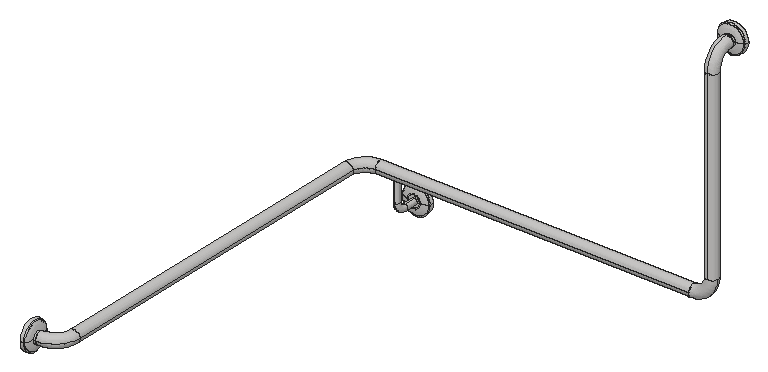
Revit family "Grab Rail_Metlam_90 Deg_Wrap Around_Left", category Specialty Equipment, Revit 2016
Family settings
  Part Type = Normal
  Round Connector Dimension = Use Diameter
  OmniClass Number = 23.40.20.21.47
  OmniClass Title = Bath Grab Bars
  Work Plane-Based = No
  Always vertical = Yes
  Cut with Voids When Loaded = No
  Shared = No
  Room Calculation Point = Yes
Parameters (values of type "983w x 1058d x 632h (MLR115MKII)")
  Width = 983 mm  # constant formula
  URL = "http://www.metlam.com.au/"
  Type Comments = "Grab Rails"  # constant formula
  Model = "MLR115MKII"
  Material_ANZRS = z_Metlam_Metal_Stainless Steel_Satin
  Manufacturer_Width = 1025 mm  # constant formula
  Manufacturer_URL__Product Specific = "https://metlam.com.au/product/content/grab-rails/MLR115MKII"
  Manufacturer_Spec Code = Model  # "MLR115MKII"
  Manufacturer_Height From FFL [instance] = 800 mm
  Manufacturer_Height = 600 mm  # constant formula
  Manufacturer_Depth = 1100 mm  # constant formula
  Manufacturer = "Metlam"  # constant formula
  Keynote = ""
  Height = 632 mm  # constant formula
  Description = "90° Flush Mount Wrap Around Grab Rail LH"  # constant formula
  Depth = 1058 mm  # constant formula
  CreatedBy_ANZRS = "IGS BIM Solutions"  # constant formula
  CreatedByURL_ANZRS = "http://www.igsgroup.com.au/"
  Assembly Code = ""
Reference planes
  plane 1 "Ref. Level": z = 0
  plane 2 "Left Wall Mount_Centre (Elevation)": z = 784
  plane 3 "Middle Wall Mount_Centre (Elevation)": z = 691
  plane 4 "Bottom": z = 653
  plane 5 "Back": y = 610
  plane 6 "Right Wall Mount_Centre (Left/Right)": x = 427
  plane 7 "Left": x = -598
  plane 8 "Left Wall Mount_Centre (Front/Back)": y = -490
  plane 9 "Middle Wall Mount_Centre (Left/Right)": x = -428
  plane 10 "Right Wall Mount_Centre (Elevation)": z = 1384
  plane 11 "Top": z = 1423
  plane 12 "Vertical Rail_Top": z = 1400
  plane 13 "Horizontal Rail_Bottom": z = 768
  plane 14 "Mounting Height": z = 800
  plane 15 "Vertical Rail_Left": x = 411
  plane 16 "Vertical Rail_Right": x = 443
  plane 17 "Right": x = 466
  plane 18 "Horizontal Rail_Front": y = 520
  plane 19 "Horizontal Rail_Back": y = 552
  plane 20 "Horizontal Rail_Right": x = -508
  plane 21 "Horizontal Rail_Left": x = -540
  plane 22 "Front": y = -529
  plane 23 "Horizontal Rail End_Front": y = -506
  plane 24 "Horizontal Rail End_Back": y = -474
Forms (mm)
  Sweep 1, solid, material "z_Metlam_Metal_Stainless Steel_Satin" <- "Material_ANZRS"
    path origin (-166.031, 0, 784) x (0, -1, 0) y (1, 0, 0)
      loop
        line (490, -408.969) -> (490, -407.969)
        arc (490, -407.969) -> (475.355, -372.614) -> (440, -357.969) r 50
        line (440, -357.969) -> (-486, -357.969)
        arc (-486, -357.969) -> (-521.355, -343.325) -> (-536, -307.969) r 50
        line (-536, -307.969) -> (-536, 543.031)
    profile origin (-574.5, -490, 784) x (0, 1, 0) y (0, 0, 1)
      loop
        circle (0, 0) r 16
  Revolve 2, solid, material "z_Metlam_Metal_Stainless Steel_Satin" <- "Material_ANZRS"
    sketch origin (0, 0, 1384) x (-1, 0, 0) y (0, -1, 0)
      loop
        line (-411, -593.938) -> (-411, -586.969) -> (-427, -586.969) -> (-427, -610) -> (-388, -610) -> (-389.401, -601.21)
        arc (-389.401, -601.21) -> (-389.851, -600.13) -> (-390.743, -599.373) r 2.5
        arc (-390.743, -599.373) -> (-400.591, -595.611) -> (-411, -593.938) r 51.397
      axis (-427, -586.969) -> (-427, -610)
    angle from 0 to 360
  Revolve 3, solid, material "z_Metlam_Metal_Stainless Steel_Satin" <- "Material_ANZRS"
    sketch origin (-34.405, -1648, 784) x (-1, 0, 0) y (0, -1, 0)
      loop
        arc (547.564, -1174) -> (549.238, -1184.409) -> (553, -1194.257) r 51.397
        arc (553, -1194.257) -> (553.757, -1195.149) -> (554.836, -1195.599) r 2.5
        line (554.836, -1195.599) -> (563.595, -1197) -> (563.595, -1158) -> (540.595, -1158) -> (540.595, -1174) -> (547.564, -1174)
      axis (540.595, -1158) -> (563.595, -1158)
    angle from 0 to 360
  Revolve 4, solid, material "z_Metlam_Metal_Stainless Steel_Satin" <- "Material_ANZRS"
    sketch origin (-428, 610, 691) x (-1, 0, 0) y (0, -1, 0)
      loop
        line (38, 0) -> (37.609, 8.494)
        arc (37.609, 8.494) -> (37.213, 9.734) -> (36.246, 10.607) r 2.5
        arc (36.246, 10.607) -> (27.366, 14.116) -> (17.983, 15.888) r 50.422
        arc (17.983, 15.888) -> (16.426, 15.995) -> (14.865, 16.031) r 34
        line (14.865, 16.031) -> (0, 16.031) -> (0, 0) -> (38, 0)
      axis (0, 0) -> (0, 16.031)
    angle from 0 to 360
  Sweep 5, solid, material "z_Metlam_Metal_Stainless Steel_Satin" <- "Material_ANZRS"
    path origin (-428, 0, 0) x (0, 1, 0) y (0, 0, 1)
      loop
        line (593.969, 691) -> (561, 691)
        arc (561, 691) -> (543.322, 698.322) -> (536, 716) r 25
        line (536, 716) -> (536, 784)
    profile origin (-428, 577.485, 691) x (0, 0, -1) y (1, 0, 0)
      loop
        circle (0, 0) r 7.5
  Sweep 6, solid, material "z_Metlam_Metal_Stainless Steel_Satin" <- "Material_ANZRS"
    path origin (427, 0, 0) x (0, 1, 0) y (0, 0, 1)
      loop
        line (536, 834) -> (536, 1334)
        arc (536, 1334) -> (550.645, 1369.355) -> (586, 1384) r 50
        line (586, 1384) -> (587, 1384)
    profile origin (427, 536, 1084) x (0, -1, 0) y (1, 0, 0)
      loop
        circle (0, 0) r 16
  Sweep 7, solid, material "z_Metlam_Metal_Stainless Steel_Satin" <- "Material_ANZRS"
    path origin (0, 552, 0) x (-1, 0, 0) y (0, 0, 1)
      loop
        line (-376, 784) -> (-377, 784)
        arc (-377, 784) -> (-412.355, 798.645) -> (-427, 834) r 50
        line (-427, 834) -> (-427, 835)
    profile origin (376.5, 552, 784) x (0, 0, -1) y (0, 1, 0)
      loop
        circle (0, -16) r 16
Cuts and joins
  joined: Sweep 1, Revolve 2, Revolve 3, Revolve 4, Sweep 5, Sweep 6, Sweep 7
Lines and regions (mm)
  Masking region 1
    outline origin (0, 0, 784) x (-1, 0, 0) y (0, -1, 0)
      loop
        line (-411, -593.969) -> (-411, -552) -> (420.497, -552) -> (420.497, -593.969) -> (411.997, -593.969)
        arc (411.997, -593.969) -> (401.567, -595.623) -> (391.711, -599.414) r 50.422
        arc (391.711, -599.414) -> (390.787, -600.234) -> (390.38, -601.4) r 2.455
        line (390.38, -601.4) -> (390, -610) -> (466, -610) -> (465.614, -601.404)
        arc (465.614, -601.404) -> (465.208, -600.236) -> (464.283, -599.414) r 2.455
        arc (464.283, -599.414) -> (454.427, -595.623) -> (443.997, -593.969) r 50.422
        line (443.997, -593.969) -> (435.497, -593.969) -> (435.497, -552) -> (473.969, -552)
        arc (473.969, -552) -> (520.66, -532.66) -> (540, -485.968) r 66.031
        line (540, -485.968) -> (540, 440)
        arc (540, 440) -> (549.958, 464.042) -> (574, 474) r 34
        line (574, 474) -> (581.969, 474)
        arc (581.969, 474) -> (583.622, 463.577) -> (587.407, 453.727) r 50.422
        arc (587.407, 453.727) -> (588.158, 452.847) -> (589.226, 452.404) r 2.482
        line (589.226, 452.404) -> (598, 451) -> (598, 529) -> (589.212, 527.594)
        arc (589.212, 527.594) -> (588.156, 527.155) -> (587.414, 526.286) r 2.455
        arc (587.414, 526.286) -> (583.623, 516.43) -> (581.969, 506) r 50.422
        line (581.969, 506) -> (574.047, 506)
        arc (574.047, 506) -> (527.345, 486.656) -> (508, 439.953) r 66.047
        line (508, 439.953) -> (508, -486)
        arc (508, -486) -> (498.042, -510.041) -> (474, -520) r 34
        line (474, -520) -> (-427, -520)
        arc (-427, -520) -> (-438.314, -524.686) -> (-443, -536) r 16
        line (-443, -536) -> (-443, -593.969)
        arc (-443, -593.969) -> (-453.423, -595.621) -> (-463.273, -599.407) r 50.422
        arc (-463.273, -599.407) -> (-464.153, -600.158) -> (-464.596, -601.225) r 2.482
        line (-464.596, -601.225) -> (-466, -610) -> (-388, -610) -> (-389.404, -601.225)
        arc (-389.404, -601.225) -> (-389.847, -600.158) -> (-390.727, -599.407) r 2.482
        arc (-390.727, -599.407) -> (-400.577, -595.621) -> (-411, -593.969) r 50.422
  symbolic lines, style "Grab Rails", detail levels medium+fine
    curve 1: line (-581.969, -506, 784) -> (-581.969, -474, 784)
    curve 2: line (443, 593.969, 784) -> (411, 593.969, 784)
    curve 3: line (-435.5, 593.969, 0) -> (-420.5, 593.969, 0)
    curve 4: line (-435.497, 552, 0) -> (-420.497, 552, 0)
  symbolic lines, style "Grab Rails"
    curve 5: arc (411, 536, 0) -> (415.686, 524.686, 0) -> (427, 520, 0) r 16
    curve 6: line (411, 552, 0) -> (411, 536, 0)
Text (mm)
  text "> Contact Manufacturer to confirm feasibility of design variations outside the scope of this Revit Family\n\n\n\nDisclaimer:\n\nDue to ongoing product development and manufacturing evolution, product details are subject to change without notice. Please refer to product technical data sheets on the manufacturer’s website for the most current product information. Please allow a +/- 5mm manufacturing tolerance for dimensions and set-outs shown in product literature." at (745.723, 262.844, 0), in view "Ref. Level_Instruction"
Dimensions and locks
  "Manufacturer_Height From FFL": plane 14 "Mounting Height" to plane 1 "Ref. Level"
  locked: plane 7 "Left" to plane 9 "Middle Wall Mount_Centre (Left/Right)" at 170
  "Depth": plane 19 "Horizontal Rail_Back" to plane 23 "Horizontal Rail End_Front"
  "Width": plane 21 "Horizontal Rail_Left" to plane 16 "Vertical Rail_Right"
  "Manufacturer_Width": plane 7 "Left" to plane 6 "Right Wall Mount_Centre (Left/Right)"
  "Manufacturer_Depth": plane 5 "Back" to plane 8 "Left Wall Mount_Centre (Front/Back)"
  locked: plane 16 "Vertical Rail_Right" to plane 17 "Right" at 23
  locked: plane 15 "Vertical Rail_Left" to plane 6 "Right Wall Mount_Centre (Left/Right)" at 16
  locked: plane 21 "Horizontal Rail_Left" to plane 20 "Horizontal Rail_Right" at 32
  locked: plane 19 "Horizontal Rail_Back" to plane 18 "Horizontal Rail_Front" at 32
  locked: plane 24 "Horizontal Rail End_Back" to plane 8 "Left Wall Mount_Centre (Front/Back)" at 16
  locked: plane 8 "Left Wall Mount_Centre (Front/Back)" to plane 23 "Horizontal Rail End_Front" at 16
  locked: plane 23 "Horizontal Rail End_Front" to plane 22 "Front" at 23
  plane 6 "Right Wall Mount_Centre (Left/Right)" to plane 16 "Vertical Rail_Right" = 16 mm
  "Height": plane 12 "Vertical Rail_Top" to plane 13 "Horizontal Rail_Bottom"
  "Manufacturer_Height": plane 10 "Right Wall Mount_Centre (Elevation)" to plane 2 "Left Wall Mount_Centre (Elevation)"
  locked: plane 3 "Middle Wall Mount_Centre (Elevation)" to plane 4 "Bottom" at 38
  locked: plane 14 "Mounting Height" to plane 2 "Left Wall Mount_Centre (Elevation)" at 16
  locked: plane 11 "Top" to plane 12 "Vertical Rail_Top" at 23
  locked: plane 13 "Horizontal Rail_Bottom" to plane 3 "Middle Wall Mount_Centre (Elevation)" at 77
  locked: plane 2 "Left Wall Mount_Centre (Elevation)" to plane 13 "Horizontal Rail_Bottom" at 16
  aligned and locked: level to plane 1 "Ref. Level"
  aligned and locked: plane 2 "Left Wall Mount_Centre (Elevation)" to Sweep 1 sketch curve
Automatic sketch dimensions
  Sweep 1 sketch curve to profile plane = 0 mm
  Sweep 5 sketch curve to profile plane = 0 mm
  Revolve 4 sketch curve to Revolve 4 sketch curve = 2.497 mm
  Revolve 4 sketch curve to Revolve 4 sketch curve = 0.391 mm
  Revolve 4 sketch curve to Revolve 4 sketch curve = 16.353 mm
  Revolve 4 sketch curve to Revolve 4 sketch curve = 3.117 mm
  Revolve 4 sketch curve to Revolve 4 sketch curve = 0 mm  (x2)
  Revolve 4 sketch curve to Revolve 4 sketch curve = 11.61 mm
  Revolve 4 sketch curve to Revolve 4 sketch curve = 1.506 mm
  profile plane to Sweep 5 sketch curve = 0 mm
  Revolve 3 sketch curve to Revolve 3 sketch curve = 6.969 mm
  Revolve 3 sketch curve to Revolve 3 sketch curve = 7.272 mm
  Revolve 3 sketch curve to Revolve 3 sketch curve = 0.395 mm
  Revolve 3 sketch curve to Revolve 3 sketch curve = 8.759 mm
  Revolve 3 sketch curve to Revolve 3 sketch curve = 19.13 mm
  Revolve 3 sketch curve to Revolve 3 sketch curve = 1.342 mm
  Revolve 3 sketch curve to Revolve 3 sketch curve = 1.401 mm
  Revolve 3 sketch curve to Revolve 3 sketch curve = 10 mm
  Masking region 1 sketch curve to plane 5 "Back" = 0 mm  (x2)
  plane 6 "Right Wall Mount_Centre (Left/Right)" to Masking region 1 sketch curve = 39 mm
  Masking region 1 sketch curve to plane 5 "Back" = 8.775 mm  (x2)
  Masking region 1 sketch curve to Masking region 1 sketch curve = 1.404 mm  (x3)
  Masking region 1 sketch curve to Masking region 1 sketch curve = 2.451 mm  (x3)
  plane 6 "Right Wall Mount_Centre (Left/Right)" to Masking region 1 sketch curve = 16 mm
  plane 6 "Right Wall Mount_Centre (Left/Right)" to Masking region 1 sketch curve = 13.36 mm
  Masking region 1 sketch curve to plane 6 "Right Wall Mount_Centre (Left/Right)" = 13.36 mm
  Masking region 1 sketch curve to plane 6 "Right Wall Mount_Centre (Left/Right)" = 16 mm
  Masking region 1 sketch curve to plane 5 "Back" = 8.382 mm
  Masking region 1 sketch curve to Masking region 1 sketch curve = 19.145 mm
  Masking region 1 sketch curve to plane 5 "Back" = 8.6 mm
  Masking region 1 sketch curve to Masking region 1 sketch curve = 0.38 mm
  Masking region 1 sketch curve to Masking region 1 sketch curve = 2.447 mm  (x2)
  Masking region 1 sketch curve to plane 5 "Back" = 8.4 mm
  Masking region 1 sketch curve to Masking region 1 sketch curve = 19.17 mm  (x2)
  Masking region 1 sketch curve to plane 5 "Back" = 8.596 mm
  Masking region 1 sketch curve to Masking region 1 sketch curve = 0.386 mm
  Masking region 1 sketch curve to Masking region 1 sketch curve = 8.355 mm
  Masking region 1 sketch curve to Masking region 1 sketch curve = 0.031 mm
  Masking region 1 sketch curve to Masking region 1 sketch curve = 34 mm  (x2)
  Masking region 1 sketch curve to Masking region 1 sketch curve = 32 mm
  Masking region 1 sketch curve to Masking region 1 sketch curve = 0.047 mm  (x2)
  Masking region 1 sketch curve to Masking region 1 sketch curve = 7.969 mm
  Masking region 1 sketch curve to Masking region 1 sketch curve = 7.922 mm
  Masking region 1 sketch curve to Masking region 1 sketch curve = 7.243 mm
  Masking region 1 sketch curve to Masking region 1 sketch curve = 15.178 mm
  Masking region 1 sketch curve to Masking region 1 sketch curve = 0.388 mm
  Masking region 1 sketch curve to Masking region 1 sketch curve = 0.392 mm  (x2)
  Masking region 1 sketch curve to Masking region 1 sketch curve = 8.788 mm
  Masking region 1 sketch curve to Masking region 1 sketch curve = 34.322 mm
  Masking region 1 sketch curve to Masking region 1 sketch curve = 0 mm  (x4)
  plane 5 "Back" to Masking region 1 sketch curve = 34.322 mm  (x2)
  Masking region 1 sketch curve to Masking region 1 sketch curve = 0.2 mm
  Masking region 1 sketch curve to plane 5 "Back" = 16.031 mm  (x4)
  Masking region 1 sketch curve to Masking region 1 sketch curve = 63.407 mm
  Masking region 1 sketch curve to Masking region 1 sketch curve = 2.424 mm
  Masking region 1 sketch curve to Masking region 1 sketch curve = 1.406 mm
  Revolve 3 sketch curve to Revolve 3 sketch curve = 4.717 mm
  Sweep 1 sketch curve to plane 5 "Back" = 124 mm
  Sweep 1 sketch curve to plane 5 "Back" = 74 mm
  Sweep 1 sketch curve to Sweep 1 sketch curve = 1 mm
  Revolve 3 sketch curve to Revolve 3 sketch curve = 16 mm
  Revolve 4 sketch curve to plane 5 "Back" = 0 mm  (x2)
  Revolve 4 sketch curve to plane 5 "Back" = 8.379 mm
  Revolve 4 sketch curve to Revolve 4 sketch curve = 17.129 mm
  plane 5 "Back" to Revolve 4 sketch curve = 17.969 mm
  Masking region 1 sketch curve to Masking region 1 sketch curve = 8.5 mm
  Masking region 1 sketch curve to Masking region 1 sketch curve = 11.047 mm
  Masking region 1 sketch curve to Masking region 1 sketch curve = 25.64 mm
  Masking region 1 sketch curve to Masking region 1 sketch curve = 26.719 mm
  Revolve 3 sketch curve to Revolve 3 sketch curve = 2.469 mm
  plane 6 "Right Wall Mount_Centre (Left/Right)" to curve 2 = 16 mm
  curve 2 to plane 6 "Right Wall Mount_Centre (Left/Right)" = 16 mm
  curve 1 to curve 1 = 32 mm
  curve 2 to plane 5 "Back" = 16.031 mm
  plane 7 "Left" to Sweep 1 sketch curve = 24 mm
  Revolve 3 sketch curve to plane 7 "Left" = 0 mm
  plane 7 "Left" to curve 1 = 16.031 mm
  Sweep 1 sketch curve to plane 8 "Left Wall Mount_Centre (Front/Back)" = 0 mm
  plane 8 "Left Wall Mount_Centre (Front/Back)" to Masking region 1 sketch curve = 50.047 mm
  Revolve 3 sketch curve to plane 8 "Left Wall Mount_Centre (Front/Back)" = 0 mm  (x2)
  plane 8 "Left Wall Mount_Centre (Front/Back)" to Revolve 3 sketch curve = 13.089 mm
  plane 8 "Left Wall Mount_Centre (Front/Back)" to curve 1 = 16 mm
  plane 8 "Left Wall Mount_Centre (Front/Back)" to Sweep 1 sketch curve = 50 mm
  Masking region 1 sketch curve to plane 7 "Left" = 0 mm
  plane 9 "Middle Wall Mount_Centre (Left/Right)" to Masking region 1 sketch curve = 38 mm
  plane 9 "Middle Wall Mount_Centre (Left/Right)" to Masking region 1 sketch curve = 16.003 mm
  plane 9 "Middle Wall Mount_Centre (Left/Right)" to Masking region 1 sketch curve = 13.363 mm
  plane 9 "Middle Wall Mount_Centre (Left/Right)" to Masking region 1 sketch curve = 7.503 mm
  Masking region 1 sketch curve to plane 9 "Middle Wall Mount_Centre (Left/Right)" = 13.356 mm
  Revolve 4 sketch curve to plane 9 "Middle Wall Mount_Centre (Left/Right)" = 0 mm  (x2)
  Revolve 4 sketch curve to plane 9 "Middle Wall Mount_Centre (Left/Right)" = 13.36 mm
  Sweep 6 sketch curve to profile plane = 0 mm
  profile plane to Sweep 6 sketch curve = 0 mm
  Revolve 2 sketch curve to plane 6 "Right Wall Mount_Centre (Left/Right)" = 0 mm  (x2)
  Revolve 2 sketch curve to plane 5 "Back" = 0 mm
  Revolve 2 sketch curve to plane 6 "Right Wall Mount_Centre (Left/Right)" = 13.089 mm
  Revolve 2 sketch curve to Revolve 2 sketch curve = 16 mm
  Revolve 2 sketch curve to plane 5 "Back" = 8.395 mm
  Revolve 2 sketch curve to Revolve 2 sketch curve = 19.13 mm
  Revolve 2 sketch curve to plane 5 "Back" = 8.79 mm
  Revolve 2 sketch curve to Revolve 2 sketch curve = 2.469 mm
  Revolve 2 sketch curve to Revolve 2 sketch curve = 1.401 mm
  plane 5 "Back" to Revolve 2 sketch curve = 35.252 mm
  Revolve 2 sketch curve to plane 5 "Back" = 16.062 mm
  Revolve 2 sketch curve to Revolve 2 sketch curve = 6.969 mm
  Revolve 2 sketch curve to Revolve 2 sketch curve = 4.717 mm
  Revolve 2 sketch curve to Revolve 2 sketch curve = 10.031 mm
  plane 2 "Left Wall Mount_Centre (Elevation)" to Sweep 6 sketch curve = 50 mm
  Sweep 6 sketch curve to plane 10 "Right Wall Mount_Centre (Elevation)" = 0 mm
  Sweep 6 sketch curve to plane 5 "Back" = 74 mm
  Sweep 6 sketch curve to plane 5 "Back" = 24 mm
  Sweep 6 sketch curve to Sweep 6 sketch curve = 1 mm
  Sweep 1 sketch curve to plane 6 "Right Wall Mount_Centre (Left/Right)" = 50 mm
  profile plane to Sweep 7 sketch curve = 0 mm
  Sweep 7 sketch curve to profile plane = 16 mm
  Masking region 1 sketch curve to plane 6 "Right Wall Mount_Centre (Left/Right)" = 0 mm
  Masking region 1 sketch curve to Masking region 1 sketch curve = 41.969 mm
  curve 5 to plane 6 "Right Wall Mount_Centre (Left/Right)" = 0 mm
  curve 6 to curve 5 = 16 mm
  curve 5 to plane 5 "Back" = 74 mm
  plane 9 "Middle Wall Mount_Centre (Left/Right)" to curve 4 = 7.503 mm
  plane 9 "Middle Wall Mount_Centre (Left/Right)" to curve 3 = 7.5 mm
  curve 4 to plane 9 "Middle Wall Mount_Centre (Left/Right)" = 7.497 mm
  curve 3 to plane 9 "Middle Wall Mount_Centre (Left/Right)" = 7.5 mm
  curve 4 to plane 5 "Back" = 58 mm
  curve 6 to curve 6 = 16 mm
  curve 3 to plane 5 "Back" = 16.031 mm
  Sweep 5 sketch curve to plane 2 "Left Wall Mount_Centre (Elevation)" = 0 mm
  Sweep 5 sketch curve to plane 3 "Middle Wall Mount_Centre (Elevation)" = 0 mm
  plane 18 "Horizontal Rail_Front" to Sweep 5 sketch curve = 16 mm
  plane 19 "Horizontal Rail_Back" to Sweep 5 sketch curve = 9 mm
  Sweep 5 sketch curve to plane 5 "Back" = 16.031 mm
  Sweep 7 sketch curve to plane 6 "Right Wall Mount_Centre (Left/Right)" = 0 mm
  Sweep 7 sketch curve to plane 2 "Left Wall Mount_Centre (Elevation)" = 0 mm
  plane 14 "Mounting Height" to Sweep 7 sketch curve = 34 mm
  Sweep 7 sketch curve to Sweep 7 sketch curve = 1 mm  (x2)
  radius of Sweep 1 sketch curve = 16 mm
  radius of Sweep 5 sketch curve = 7.5 mm
  radius of Sweep 6 sketch curve = 16 mm
  radius of Sweep 7 sketch curve = 16 mm
